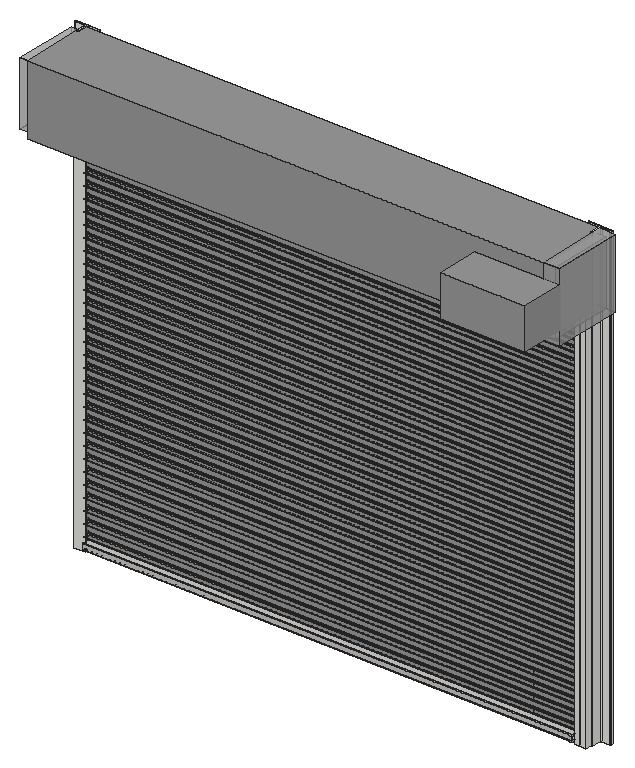
Revit family "Door-EntryDefender-FaceOfWallMount_Cookson_wTYPES", category Doors, host Wall, Revit 2016 (continued)
Types (14): name | Operator Right Side Horizontal OR | Operator Left Side Horizontal OR | Opening Height | Operator Right Side Top OR | Operator Left Side Top OR | Guide Height | E | Rough Height | Product Specifications URL | Operator on Right | Operator on Left | LEED Information | Height | B Coil Hood Depth | A Coil Hood Height | # Of Slats
  Model PED 0101 - 14' x 7' Opening | no | no | 7' - 0" | yes | no | 8' - 4" | 0' - 7 3/8" | 7' - 0 1/2" | "---------------------------\r\nMicrosoft Office\r\n---------------------------\r\nOpening https://www.cooksondoor.com/docs/default-source/specifications/cookson/sp_entrydefender_door_k.docx\r\n\r\nSome files can contain viruses or otherwise be harmful to your computer.\r\nIt is important to be certain that this file is from a trustworthy source.\r\n\r\nWould you like to open this file?\r\n\r\n\r\n---------------------------\r\nOK   Cancel   \r\n---------------------------\r\n---------------------------\r\nMicrosoft Office\r\n---------------------------\r\nOpening https://www.cooksondoor.com/docs/default-source/specifications/cookson/sp_entrydefender_door_k.docx\r\n\r\nSome files can contain viruses or otherwise be harmful to your computer.\r\nIt is important to be certain that this file is from a trustworthy source.\r\n\r\nWould you like to open this file?\r\n\r\n\r\n---------------------------\r\nOK   Cancel   \r\n---------------------------\r\nhttps://www.cooksondoor.com/docs/default-source/specifications/cookson/sp_entrydefender_door_k.docx" | yes | no | "" | 10' - 2" | 1' - 10" | 1' - 10" | 25
  Model PED 0101 - 14' x 13' Opening | no | no | 13' - 0" | yes | no | 14' - 0" | 0' - 7 3/8" | 13' - 0 1/2" | "---------------------------\r\nMicrosoft Office\r\n---------------------------\r\nOpening https://www.cooksondoor.com/docs/default-source/specifications/cookson/sp_entrydefender_door_k.docx\r\n\r\nSome files can contain viruses or otherwise be harmful to your computer.\r\nIt is important to be certain that this file is from a trustworthy source.\r\n\r\nWould you like to open this file?\r\n\r\n\r\n---------------------------\r\nOK   Cancel   \r\n---------------------------\r\nhttps://www.cooksondoor.com/docs/default-source/specifications/cookson/sp_entrydefender_door_k.docx" | yes | no | "" | 16' - 2" | 2' - 2" | 2' - 2" | 42
  Model PED 0101 - 14' x 3' Opening | no | yes | 3' - 0" | no | no | 4' - 7" | 0' - 2 3/8" | 3' - 0 1/2" | "---------------------------\r\nMicrosoft Office\r\n---------------------------\r\nOpening https://www.cooksondoor.com/docs/default-source/specifications/cookson/sp_entrydefender_door_k.docx\r\n\r\nSome files can contain viruses or otherwise be harmful to your computer.\r\nIt is important to be certain that this file is from a trustworthy source.\r\n\r\nWould you like to open this file?\r\n\r\n\r\n---------------------------\r\nOK   Cancel   \r\n---------------------------\r\n---------------------------\r\nMicrosoft Office\r\n---------------------------\r\nOpening https://www.cooksondoor.com/docs/default-source/specifications/cookson/sp_entrydefender_door_k.docx\r\n\r\nSome files can contain viruses or otherwise be harmful to your computer.\r\nIt is important to be certain that this file is from a trustworthy source.\r\n\r\nWould you like to open this file?\r\n\r\n\r\n---------------------------\r\nOK   Cancel   \r\n---------------------------\r\nhttps://www.cooksondoor.com/docs/default-source/specifications/cookson/sp_entrydefender_door_k.docx" | no | yes | "" | 6' - 2" | 1' - 7" | 1' - 7" | 14
  Model PED 0101 - 14' x 4' Opening | yes | no | 4' - 0" | no | no | 5' - 6" | 0' - 7 3/8" | 4' - 0 1/2" | "https://www.cooksondoor.com/docs/default-source/specifications/cookson/sp_entrydefender_door_k.docx" | yes | no | "" | 7' - 2" | 1' - 8" | 1' - 8" | 17
  Model PED 0101 - 14' x 5' Opening | no | no | 5' - 0" | no | yes | 6' - 5" | 0' - 7 3/8" | 5' - 0 1/2" | "https://www.cooksondoor.com/docs/default-source/specifications/cookson/sp_entrydefender_door_k.docx" | no | yes | "https://www.cornelliron.com/architectural-resource-homepage/leed-information" | 8' - 2" | 1' - 9" | 1' - 9" | 19
  Model PED 0101 - 14' x 6' Opening | no | no | 6' - 0" | yes | no | 7' - 4" | 0' - 7 3/8" | 6' - 0 1/2" | "https://www.cooksondoor.com/docs/default-source/specifications/cookson/sp_entrydefender_door_k.docx" | yes | no | "" | 9' - 2" | 1' - 10" | 1' - 10" | 22
  Model PED 0101 - 14' x 8' Opening | no | yes | 8' - 0" | no | no | 9' - 3" | 0' - 7 3/8" | 8' - 0 1/2" | "https://www.cooksondoor.com/docs/default-source/specifications/cookson/sp_entrydefender_door_k.docx" | no | yes | "" | 11' - 2" | 1' - 11" | 1' - 11" | 28
  Model PED 0101 - 14' x 9' Opening | yes | no | 9' - 0" | no | no | 10' - 2" | 0' - 7 3/8" | 9' - 0 1/2" | "https://www.cooksondoor.com/docs/default-source/specifications/cookson/sp_entrydefender_door_k.docx" | yes | no | "" | 12' - 2" | 2' - 0" | 2' - 0" | 31
  Model PED 0101 - 14' x 11' Opening | no | no | 11' - 0" | no | yes | 12' - 1" | 0' - 7 3/8" | 11' - 0 1/2" | "---------------------------\r\nMicrosoft Office\r\n---------------------------\r\nOpening https://www.cooksondoor.com/docs/default-source/specifications/cookson/sp_entrydefender_door_k.docx\r\n\r\nSome files can contain viruses or otherwise be harmful to your computer.\r\nIt is important to be certain that this file is from a trustworthy source.\r\n\r\nWould you like to open this file?\r\n\r\n\r\n---------------------------\r\nOK   Cancel   \r\n---------------------------\r\nhttps://www.cooksondoor.com/docs/default-source/specifications/cookson/sp_entrydefender_door_k.docx" | no | yes | "" | 14' - 2" | 2' - 1" | 2' - 1" | 36
  Model PED 0101 - 14' x 12' Opening | no | no | 12' - 0" | yes | no | 13' - 0" | 0' - 7 3/8" | 12' - 0 1/2" | "https://www.cooksondoor.com/docs/default-source/specifications/cookson/sp_entrydefender_door_k.docx" | yes | no | "" | 15' - 2" | 2' - 2" | 2' - 2" | 39
  Model PED 0101 - 14' x 14' Opening | no | yes | 14' - 0" | no | no | 14' - 10" | 0' - 7 3/8" | 14' - 0 1/2" | "---------------------------\r\nMicrosoft Office\r\n---------------------------\r\nOpening https://www.cooksondoor.com/docs/default-source/specifications/cookson/sp_entrydefender_door_k.docx\r\n\r\nSome files can contain viruses or otherwise be harmful to your computer.\r\nIt is important to be certain that this file is from a trustworthy source.\r\n\r\nWould you like to open this file?\r\n\r\n\r\n---------------------------\r\nOK   Cancel   \r\n---------------------------\r\nhttps://www.cooksondoor.com/docs/default-source/specifications/cookson/sp_entrydefender_door_k.docx" | no | yes | "" | 17' - 2" | 2' - 4" | 2' - 4" | 45
  Model PED 0101 - 14' x 16' Opening | yes | no | 16' - 0" | no | no | 16' - 9" | 0' - 7 3/8" | 16' - 0 1/2" | "https://www.cooksondoor.com/docs/default-source/specifications/cookson/sp_entrydefender_door_k.docx" | yes | no | "" | 19' - 2" | 2' - 5" | 2' - 5" | 50
  Model PED 0101 - 14' x 10' Opening | yes | no | 10' - 0" | no | no | 11' - 2" | 0' - 7 3/8" | 10' - 0 1/2" | "https://www.cooksondoor.com/docs/default-source/specifications/cookson/sp_entrydefender_door_k.docx" | yes | no | "" | 13' - 2" | 2' - 0" | 2' - 0" | 34
